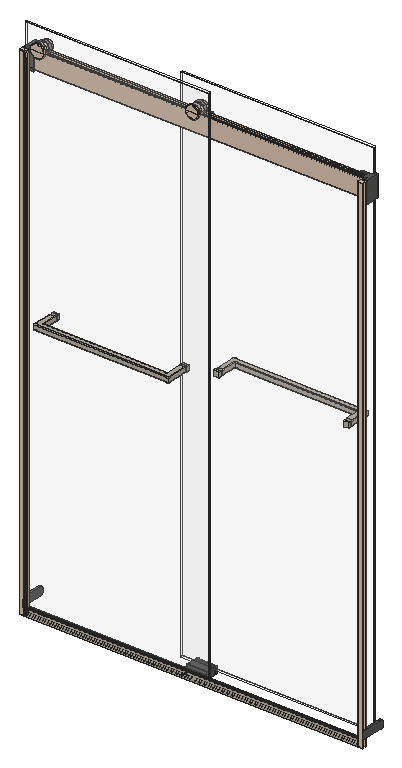
Revit family "Shower-Shower_Door-KOHLER-Levity-K-706016.rfa_", category Specialty Equipment, host Face, Revit 2021 (continued)
Definition of nested family "K-706016"
  Automatic sketch dimensions
    curve 58 to plane 32 = 0.11545"
    curve 56 to plane 32 = 0.11631"
    curve 56 to curve 55 = 0.02759"
    curve 55 to curve 53 = 0.02027"
    curve 54 to curve 54 = 0.02069"
    curve 143 to plane 1 "Center (Front/Back)" = 0.03791"
    curve 143 to plane 32 = 0.17545"
    plane 8 to curve 62 = 0.03938"
    plane 8 to curve 53 = 0.02216"
    plane 8 to curve 57 = 0.02172"
    plane 31 to curve 56 = 0.21262"
    curve 101 to plane 31 = 0.10065"
    curve 54 to plane 31 = 0.11015"
    curve 57 to plane 31 = 0.1147"
    curve 53 to curve 57 = 0.02172"
    plane 31 to curve 203 = 0.51363"
    plane 31 to curve 82 = 0.51381"
    curve 91 to curve 89 = 0.01141"
    curve 82 to curve 81 = 0.01141"
    curve 205 to curve 204 = 0.0144"
    curve 216 to curve 215 = 0.0144"
    curve 81 to curve 80 = 0.03101"
    curve 216 to curve 213 = 0.02819"
    curve 205 to curve 204 = 0.02819"
    curve 89 to curve 89 = 0.03101"
    curve 80 to curve 78 = 0.28258"
    curve 200 to curve 201 = 0.28258"
    curve 200 to curve 206 = 0.18787"
    curve 88 to curve 87 = 0.18787"
    curve 202 to curve 209 = 0.12547"
    curve 221 to plane 36 = 0.1305"
    curve 144 to plane 36 = 0.1305"
    curve 104 to plane 36 = 0.14755"
    curve 220 to curve 220 = 0.06"
    curve 98 to plane 36 = 0.20691"
    curve 59 to plane 36 = 0.21203"
    curve 62 to plane 36 = 0.26486"
    curve 69 to curve 68 = 0.12523"
    curve 65 to curve 71 = 0.03969"
    curve 65 to curve 67 = 0.03969"
    curve 71 to curve 70 = 0.12599"
    curve 67 to curve 66 = 0.12599"
    curve 187 to curve 186 = 0.29368"
    curve 66 to curve 66 = 0.04153"
    curve 185 to curve 184 = 0.03969"
    curve 192 to curve 191 = 0.03969"
    curve 191 to curve 191 = 0.12599"
    curve 184 to curve 184 = 0.12599"
    curve 184 to curve 189 = 0.04153"
    plane 6 to curve 96 = 0.26892"
    plane 31 to curve 123 = 0.12131"
    curve 96 to curve 123 = 0.60411"
    curve 121 to plane 19 "Slider4" = 0.65912"
    curve 122 to curve 121 = 0"
    curve 123 to curve 106 = 0.16338"
    plane 19 "Slider4" to curve 106 = 0.54747"
    curve 122 to plane 31 = 0.25969"
    curve 106 to curve 122 = 0.11165"
    curve 121 to curve 122 = 0"
    curve 106 to curve 123 = 0.16338"
    curve 125 to plane 26 = 0.00275"
    curve 124 to plane 26 = 0.00275"
    plane 31 to curve 125 = 0.12131"
    curve 125 to plane 25 = 0.37303"
    curve 124 to plane 25 = 0.37303"
    plane 31 to curve 224 = 0.12131"
    curve 224 to plane 24 = 0.37991"
    curve 223 to plane 24 = 0.37775"
    curve 212 to plane 27 = 0.03937"
    plane 27 to curve 224 = 0.00491"
    plane 31 to curve 236 = 0.12131"
    curve 224 to curve 236 = 0.65925"
    plane 18 "Slider3" to curve 234 = 0.65912"
    curve 235 to curve 234 = 0"  (x2)
    curve 236 to curve 237 = 0.16338"
    curve 237 to plane 18 "Slider3" = 0.54747"
    curve 234 to plane 18 "Slider3" = 0.65912"
    curve 237 to curve 236 = 0.16338"
    curve 199 to plane 1 "Center (Front/Back)" = 0.09791"
    curve 199 to plane 3 "Center (Left/Right)" = 0.30491"
    curve 222 to curve 199 = 0"
    curve 218 to curve 214 = 0.39441"
    curve 217 to curve 191 = 0.23073"
    curve 214 to curve 110 = 0.19624"
    curve 198 to curve 208 = 0.16338"
    curve 197 to plane 23 = 0.03031"
    plane 21 to curve 233 = 0.112"
    curve 198 to plane 21 = 0.40531"
    curve 195 to plane 21 = 0.4061"
    curve 198 to curve 199 = 0.00079"
    curve 126 to plane 1 "Center (Front/Back)" = 0.09791"
    plane 20 to curve 126 = 0.40531"
    curve 93 to curve 126 = 0"
    curve 126 to curve 95 = 0.00241"
    plane 22 to curve 126 = 0.03031"
    plane 22 to curve 93 = 0.03031"
    curve 115 to curve 65 = 0.01703"
    curve 74 to plane 1 "Center (Front/Back)" = 0.09791"
    curve 74 to curve 84 = 0.16338"
    curve 65 to curve 73 = 0.23686"
    curve 75 to curve 84 = 0"
    curve 75 to curve 76 = 0"
    curve 69 to curve 65 = 0.23686"
    curve 75 to curve 74 = 0.16338"
    curve 65 to curve 63 = 0.01703"
    plane 32 to curve 111 = 0.52567"
    curve 56 to curve 56 = 0.00232"
    curve 143 to curve 143 = 0.06"  (x2)
    plane 8 to curve 59 = 0.03888"
    curve 59 to curve 62 = 0.00038"
    curve 123 to curve 106 = 0.19059"
    curve 236 to curve 237 = 0.19059"
    curve 100 to plane 31 = 0.12555"
    curve 235 to plane 31 = 0.25969"
    curve 223 to plane 31 = 0.25969"
    curve 124 to plane 31 = 0.25969"
    curve 234 to curve 235 = 0.2937"
    curve 121 to curve 122 = 0.2937"
    plane 31 to curve 52 = 0.35134"
    plane 31 to curve 96 = 0.35134"
    curve 88 to curve 114 = 0.13056"
    curve 96 to curve 120 = 0.33544"
    curve 52 to curve 107 = 0.33544"
    curve 120 to curve 119 = 0.08675"
    curve 113 to curve 200 = 0.06527"
    curve 107 to curve 108 = 0.08675"
    curve 108 to curve 111 = 0.04996"
    curve 119 to curve 109 = 0.04996"
    curve 109 to curve 110 = 0.40327"
    curve 207 to curve 118 = 0.01221"
    curve 76 to curve 112 = 0.01344"
    curve 110 to curve 96 = 0.06736"
    curve 222 to curve 199 = 0.25603"
    curve 93 to curve 126 = 0.25589"
    curve 112 to curve 76 = 0.06628"
    curve 198 to curve 207 = 0.04575"
    curve 112 to curve 52 = 0.06628"
    curve 118 to curve 84 = 0.0675"
    curve 84 to curve 75 = 0.04575"
    curve 221 to plane 36 = 0.0384"
    curve 105 to plane 36 = 0.04182"
    curve 59 to curve 62 = 0"
    curve 196 to curve 127 = 0.14226"
    curve 217 to curve 217 = 0.14226"
    curve 95 to curve 116 = 0.14226"
    curve 117 to curve 97 = 0.4021"
    curve 127 to curve 196 = 0.4021"
    curve 116 to curve 195 = 0.4021"
    curve 116 to curve 95 = 0.4021"
    curve 115 to curve 94 = 0.4021"
    curve 63 to curve 61 = 0.40759"
    Masking region 3 sketch curve to level = 0"  (x3)
    Masking region 3 sketch curve to plane 30 = 0"
    Masking region 3 sketch curve to plane 9 = 0"  (x4)
    Masking region 3 sketch curve to plane 33 = 0"
    Masking region 3 sketch curve to plane 35 = 0"
    Masking region 3 sketch curve to plane 10 = 0"  (x4)
    plane 29 to Masking region 3 sketch curve = 0"
    Masking region 3 sketch curve to plane 12 = 0"  (x2)
    Masking region 3 sketch curve to level = 0.01209"
    Masking region 3 sketch curve to Masking region 3 sketch curve = 0.71296"
    Masking region 3 sketch curve to Masking region 3 sketch curve = 0.01882"
    level to Masking region 3 sketch curve = 0.01948"
    Masking region 3 sketch curve to Masking region 3 sketch curve = 0.02377"
    level to Masking region 3 sketch curve = 0.05481"
    Masking region 3 sketch curve to Masking region 3 sketch curve = 0.05421"
    Masking region 3 sketch curve to Masking region 3 sketch curve = 0.00313"
    level to Masking region 3 sketch curve = 0.07617"
    plane 36 to Masking region 3 sketch curve = 0.03318"
    Masking region 3 sketch curve to Masking region 3 sketch curve = 0.03779"
    Masking region 3 sketch curve to plane 36 = 0.02016"
    Masking region 3 sketch curve to Masking region 3 sketch curve = 0.03524"
    level to Masking region 3 sketch curve = 0.13878"
    level to Masking region 3 sketch curve = 0.13999"
    Masking region 3 sketch curve to Masking region 3 sketch curve = 0.08351"
    Masking region 3 sketch curve to Masking region 3 sketch curve = 0.07744"
    plane 31 to Masking region 3 sketch curve = 0.08427"
    Masking region 3 sketch curve to Masking region 3 sketch curve = 0.07982"
    Masking region 3 sketch curve to Masking region 3 sketch curve = 0.08047"
    Masking region 3 sketch curve to Masking region 3 sketch curve = 0.08172"
    Masking region 3 sketch curve to Masking region 3 sketch curve = 0.0819"
    plane 31 to Masking region 3 sketch curve = 0.00016"
    plane 1 "Center (Front/Back)" to Masking region 3 sketch curve = 0.00764"
    Masking region 3 sketch curve to Masking region 3 sketch curve = 0.08816"
    Masking region 3 sketch curve to plane 1 "Center (Front/Back)" = 0.08207"
    Masking region 3 sketch curve to plane 1 "Center (Front/Back)" = 0.10773"  (x4)
    Masking region 3 sketch curve to Masking region 3 sketch curve = 0.52457"
    plane 31 to Masking region 3 sketch curve = 0.11221"
    Masking region 3 sketch curve to Masking region 3 sketch curve = 0.53328"
    Masking region 3 sketch curve to Masking region 3 sketch curve = 0.30395"  (x2)
    Masking region 3 sketch curve to Masking region 3 sketch curve = 0"  (x5)
    Masking region 3 sketch curve to Masking region 3 sketch curve = 1/4"
    Masking region 3 sketch curve to Masking region 3 sketch curve = 0.57403"
    Masking region 3 sketch curve to Masking region 3 sketch curve = 1.0739"
    Masking region 3 sketch curve to plane 1 "Center (Front/Back)" = 0.51113"
    Masking region 3 sketch curve to Masking region 3 sketch curve = 2.08798"
    plane 9 to Masking region 3 sketch curve = 0.03937"
    Masking region 3 sketch curve to Masking region 3 sketch curve = 0.04964"
    Masking region 3 sketch curve to plane 10 = 0.05475"
    Masking region 3 sketch curve to plane 10 = 0.03937"
    Masking region 3 sketch curve to plane 13 = 0.22076"
    plane 13 to Masking region 3 sketch curve = 0.14827"
    Masking region 3 sketch curve to Masking region 3 sketch curve = 0.03969"  (x3)
    Masking region 3 sketch curve to Masking region 3 sketch curve = 0.04153"  (x3)
    Masking region 3 sketch curve to Masking region 3 sketch curve = 0.23686"  (x2)
    Masking region 3 sketch curve to plane 29 = 0.65912"
    Masking region 3 sketch curve to plane 30 = 0.14309"
    Masking region 3 sketch curve to Masking region 3 sketch curve = 0.23502"
    Masking region 3 sketch curve to Masking region 3 sketch curve = 0.00185"
    Masking region 3 sketch curve to plane 30 = 0.18463"
    plane 14 to Masking region 3 sketch curve = 0.22113"  (x2)
    Masking region 3 sketch curve to plane 15 "B" = 0.5225"
    Masking region 3 sketch curve to Masking region 3 sketch curve = 0.02497"
    Masking region 3 sketch curve to Masking region 3 sketch curve = 0.12302"
    Masking region 3 sketch curve to plane 15 "B" = 0.65912"
    Masking region 3 sketch curve to Masking region 3 sketch curve = 0.0327"
    Masking region 3 sketch curve to Masking region 3 sketch curve = 0.18726"
    Masking region 3 sketch curve to Masking region 3 sketch curve = 0.16338"
    Masking region 3 sketch curve to Masking region 3 sketch curve = 0.03455"
    Masking region 3 sketch curve to Masking region 3 sketch curve = 0.03346"
    Masking region 3 sketch curve to Masking region 3 sketch curve = 0.01028"
    Masking region 3 sketch curve to Masking region 3 sketch curve = 0.02942"
    Masking region 3 sketch curve to Masking region 3 sketch curve = 0.12599"  (x2)
    Masking region 3 sketch curve to plane 30 = 0.38094"
    Masking region 3 sketch curve to Masking region 3 sketch curve = 0.18634"
    Masking region 3 sketch curve to Masking region 3 sketch curve = 0.17676"
    Masking region 3 sketch curve to plane 31 = 0.27599"
    Masking region 3 sketch curve to plane 31 = 0.25969"  (x4)
    plane 31 to Masking region 3 sketch curve = 0.1115"
    plane 31 to Masking region 3 sketch curve = 0.12131"  (x2)
    Masking region 3 sketch curve to Masking region 3 sketch curve = 0.23003"
    plane 31 to Masking region 3 sketch curve = 0.51394"
    Masking region 3 sketch curve to Masking region 3 sketch curve = 0.01288"
    Masking region 3 sketch curve to Masking region 3 sketch curve = 0.0294"
    Masking region 3 sketch curve to Masking region 3 sketch curve = 0.28258"
    Masking region 3 sketch curve to Masking region 3 sketch curve = 0.18787"
    Masking region 3 sketch curve to Masking region 3 sketch curve = 0.29028"
    Masking region 3 sketch curve to Masking region 3 sketch curve = 0.15718"
    Masking region 3 sketch curve to Masking region 3 sketch curve = 63/256"
    Masking region 3 sketch curve to Masking region 3 sketch curve = 0.12547"
    plane 1 "Center (Front/Back)" to Masking region 3 sketch curve = 0.01683"
    Masking region 3 sketch curve to plane 36 = 0.04182"
    Masking region 3 sketch curve to plane 36 = 0.1905"
    Masking region 3 sketch curve to Masking region 3 sketch curve = 0.14373"
    Masking region 3 sketch curve to Masking region 3 sketch curve = 0.27229"
    Masking region 3 sketch curve to Masking region 3 sketch curve = 0.30581"
    Masking region 3 sketch curve to Masking region 3 sketch curve = 0.03247"
    Masking region 3 sketch curve to Masking region 3 sketch curve = 0.0397"
    Masking region 3 sketch curve to plane 36 = 0.65935"
    Masking region 3 sketch curve to Masking region 3 sketch curve = 0.12597"
    Masking region 3 sketch curve to Masking region 3 sketch curve = 0.15413"
    Masking region 3 sketch curve to Masking region 3 sketch curve = 0.00234"
    Masking region 3 sketch curve to plane 36 = 177/256"
    Masking region 3 sketch curve to Masking region 3 sketch curve = 0.04012"
    Masking region 3 sketch curve to Masking region 3 sketch curve = 0.06905"
    Masking region 3 sketch curve to Masking region 3 sketch curve = 0.15173"
    plane 35 to Masking region 3 sketch curve = 0.0618"
    Masking region 3 sketch curve to Masking region 3 sketch curve = 0.01117"
    Masking region 3 sketch curve to Masking region 3 sketch curve = 0.01773"
    radius of curve 180 = 0.11756"
    radius of curve 181 = 0.11756"
    radius of curve 182 = 0.11756"
    radius of curve 183 = 0.11756"
    radius of curve 5 = 0.89598"
    radius of curve 6 = 0.9408"
    radius of curve 7 = 0.89414"
    radius of curve 8 = 0.93567"
Types (5): name | Width | Walk Thru | Type | Towel Bar Finish | Secondary Finish | Model | Finish
  (no name) | 47.59793" | 21 1/16" | 1 | Kohler-Metal-BV-Brushed_Bronze | Kohler-Plastic-BV-Brushed_Bronze | "K-706016-L-ABV" | Kohler-Metal-ABV-Anodized_Brushed_Bronze
  ABV-Anodized Brushed Bronze | 47.59793" | 21 1/16" | 1 | Kohler-Metal-BV-Brushed_Bronze | Kohler-Plastic-BV-Brushed_Bronze | "K-706016-L-ABV" | Kohler-Metal-ABV-Anodized_Brushed_Bronze
  NX-Brushed Nickel | 47.59843" | 21.06299" | 2 | Kohler-Metal-BN-Vibrant_Brushed_Nickel | KOHLER-Plastic-BN-Vibrant_Brushed_Nickel | "K-706016-L-NX" | Kohler-Metal-NX-Brushed_Nickel
  SHP-Bright Polished Silver | 47.59843" | 21.06299" | 3 | Kohler-Metal-CP-Polished_Chrome | Kohler-Plastic-CP-Polished_Chrome | "K-706016-L-SHP" | Kohler-Metal-SHP-Bright_Polished_Silver
  SH-Bright Silver | 47.59843" | 21.06299" | 4 | Kohler-Metal-CP-Polished_Chrome | Kohler-Plastic-CP-Polished_Chrome | "K-706016-L-SH" | Kohler-Metal-SH-Bright_Silver
